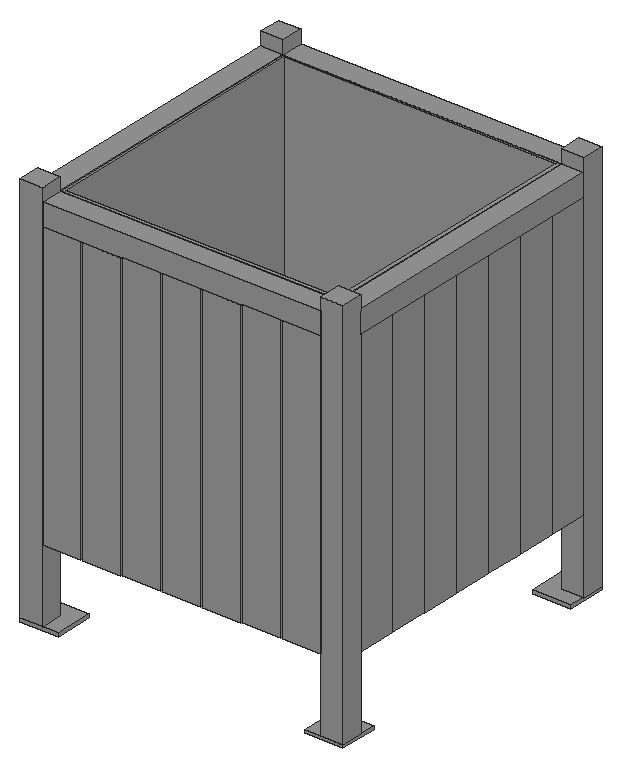
Revit family "6758 Цветочница парковая «Классик» 505x505x620 мм Хоббика", category Антураж, Revit 2018
Family settings
  На основе рабочей плоскости = Нет
  Всегда вертикально = Да
  При загрузке вырезать с полостями = Нет
  Источник визуального образа = Геометрия семейства
  Общий = Нет
  Точка расчета площади = Нет
Parameters (values of type "Цветочница парковая «Классик» 505x505x620 мм")
  Ширина = 505 mm  # constant formula
  Цвет отделки = Дерево
  Цвет каркаса = Сталь
  Описание = "Цветочница парковая «Классик» 505x505x620 мм"  # constant formula
  Материал изделия = "Сталь, дерево, съемная оцинкованная вставка"  # constant formula
  Изображение типоразмера = Цветочница парковая «Классик» 505x505x620 мм Арт 6758.jpg
  Изготовитель = "ООО «Хоббика»"  # constant formula
  Длина = 505 mm  # constant formula
  Группа модели = "Цветочницы и уличные вазоны для цветов"  # constant formula
  Высота = 620 mm  # constant formula
  Артикул товара = "Арт. 6758"  # constant formula
  URL = "https://hobbyka.ru/product/cvetochnica_parkovaia_klassik"
Reference planes
  plane 1 "По центру (Вперед/Назад)": y = 0
  plane 2: z = 0
  plane 3 "По центру (Влево/Вправо)": x = 0
  plane 4: y = 505
  plane 5: x = 505
  plane 6: z = 620
Forms (mm)
  Extrusion 1, solid, material "Сталь" <- "Цвет каркаса"
    sketch origin (0, 0, 0) x (1, 0, 0) y (0, 1, 0)
      loop
        line (0, 505) -> (0, 470) -> (35, 470) -> (35, 505) -> (0, 505)
      loop
        line (470, 505) -> (470, 470) -> (505, 470) -> (505, 505) -> (470, 505)
      loop
        line (0, 35) -> (0, 0) -> (35, 0) -> (35, 35) -> (0, 35)
      loop
        line (470, 35) -> (470, 0) -> (505, 0) -> (505, 35) -> (470, 35)
    from 5 to 620
  Extrusion 2, solid, material "Сталь" <- "Цвет каркаса"
    sketch origin (0, 0, 0) x (1, 0, 0) y (0, 1, 0)
      loop
        line (35, 505) -> (35, 470) -> (470, 470) -> (470, 505) -> (35, 505)
      loop
        line (35, 35) -> (35, 0) -> (470, 0) -> (470, 35) -> (35, 35)
    from 565 to 600
  Extrusion 3, solid, material "Сталь" <- "Цвет каркаса"
    sketch origin (0, 505, 0) x (0, -1, 0) y (1, 0, 0)
      loop
        line (35, 505) -> (35, 470) -> (470, 470) -> (470, 505) -> (35, 505)
      loop
        line (35, 35) -> (35, 0) -> (470, 0) -> (470, 35) -> (35, 35)
    from 565 to 600
  Extrusion 4, solid, material "Дерево" <- "Цвет отделки"
    sketch origin (0, 0, 0) x (1, 0, 0) y (0, 1, 0)
      loop
        line (35, 505) -> (35, 470) -> (95, 470) -> (95, 505) -> (35, 505)
      loop
        line (35, 35) -> (35, 0) -> (95, 0) -> (95, 35) -> (35, 35)
    from 120 to 565
  Extrusion 5, solid, material "Дерево" <- "Цвет отделки"
    sketch origin (375, 0, 0) x (1, 0, 0) y (0, 1, 0)
      loop
        line (35, 505) -> (35, 470) -> (95, 470) -> (95, 505) -> (35, 505)
      loop
        line (35, 35) -> (35, 0) -> (95, 0) -> (95, 35) -> (35, 35)
    from 120 to 565
  Extrusion 6, solid, material "Дерево" <- "Цвет отделки"
    sketch origin (62.5, 0, 0) x (1, 0, 0) y (0, 1, 0)
      loop
        line (35, 505) -> (35, 470) -> (95, 470) -> (95, 505) -> (35, 505)
      loop
        line (35, 35) -> (35, 0) -> (95, 0) -> (95, 35) -> (35, 35)
    from 120 to 565
  Extrusion 7, solid, material "Дерево" <- "Цвет отделки"
    sketch origin (125, 0, 0) x (1, 0, 0) y (0, 1, 0)
      loop
        line (35, 505) -> (35, 470) -> (95, 470) -> (95, 505) -> (35, 505)
      loop
        line (35, 35) -> (35, 0) -> (95, 0) -> (95, 35) -> (35, 35)
    from 120 to 565
  Extrusion 8, solid, material "Дерево" <- "Цвет отделки"
    sketch origin (187.5, 0, 0) x (1, 0, 0) y (0, 1, 0)
      loop
        line (35, 505) -> (35, 470) -> (95, 470) -> (95, 505) -> (35, 505)
      loop
        line (35, 35) -> (35, 0) -> (95, 0) -> (95, 35) -> (35, 35)
    from 120 to 565
  Extrusion 9, solid, material "Дерево" <- "Цвет отделки"
    sketch origin (250, 0, 0) x (1, 0, 0) y (0, 1, 0)
      loop
        line (35, 505) -> (35, 470) -> (95, 470) -> (95, 505) -> (35, 505)
      loop
        line (35, 35) -> (35, 0) -> (95, 0) -> (95, 35) -> (35, 35)
    from 120 to 565
  Extrusion 10, solid, material "Дерево" <- "Цвет отделки"
    sketch origin (312.5, 0, 0) x (1, 0, 0) y (0, 1, 0)
      loop
        line (35, 505) -> (35, 470) -> (95, 470) -> (95, 505) -> (35, 505)
      loop
        line (35, 35) -> (35, 0) -> (95, 0) -> (95, 35) -> (35, 35)
    from 120 to 565
  Extrusion 11, solid, material "Дерево" <- "Цвет отделки"
    sketch origin (0, 0, 0) x (1, 0, 0) y (0, 1, 0)
      loop
        line (0, 470) -> (0, 410) -> (35, 410) -> (35, 470) -> (0, 470)
      loop
        line (470, 470) -> (470, 410) -> (505, 410) -> (505, 470) -> (470, 470)
    from 120 to 565
  Extrusion 12, solid, material "Дерево" <- "Цвет отделки"
    sketch origin (0, -375, 0) x (1, 0, 0) y (0, 1, 0)
      loop
        line (0, 470) -> (0, 410) -> (35, 410) -> (35, 470) -> (0, 470)
      loop
        line (470, 470) -> (470, 410) -> (505, 410) -> (505, 470) -> (470, 470)
    from 120 to 565
  Extrusion 13, solid, material "Дерево" <- "Цвет отделки"
    sketch origin (0, -62.5, 0) x (1, 0, 0) y (0, 1, 0)
      loop
        line (0, 470) -> (0, 410) -> (35, 410) -> (35, 470) -> (0, 470)
      loop
        line (470, 470) -> (470, 410) -> (505, 410) -> (505, 470) -> (470, 470)
    from 120 to 565
  Extrusion 14, solid, material "Дерево" <- "Цвет отделки"
    sketch origin (0, -125, 0) x (1, 0, 0) y (0, 1, 0)
      loop
        line (0, 470) -> (0, 410) -> (35, 410) -> (35, 470) -> (0, 470)
      loop
        line (470, 470) -> (470, 410) -> (505, 410) -> (505, 470) -> (470, 470)
    from 120 to 565
  Extrusion 15, solid, material "Дерево" <- "Цвет отделки"
    sketch origin (0, -187.5, 0) x (1, 0, 0) y (0, 1, 0)
      loop
        line (0, 470) -> (0, 410) -> (35, 410) -> (35, 470) -> (0, 470)
      loop
        line (470, 470) -> (470, 410) -> (505, 410) -> (505, 470) -> (470, 470)
    from 120 to 565
  Extrusion 16, solid, material "Дерево" <- "Цвет отделки"
    sketch origin (0, -250, 0) x (1, 0, 0) y (0, 1, 0)
      loop
        line (0, 470) -> (0, 410) -> (35, 410) -> (35, 470) -> (0, 470)
      loop
        line (470, 470) -> (470, 410) -> (505, 410) -> (505, 470) -> (470, 470)
    from 120 to 565
  Extrusion 17, solid, material "Дерево" <- "Цвет отделки"
    sketch origin (0, -312.5, 0) x (1, 0, 0) y (0, 1, 0)
      loop
        line (0, 470) -> (0, 410) -> (35, 410) -> (35, 470) -> (0, 470)
      loop
        line (470, 470) -> (470, 410) -> (505, 410) -> (505, 470) -> (470, 470)
    from 120 to 565
  Extrusion 18, solid, material "Сталь"
    sketch origin (0, 0, 0) x (1, 0, 0) y (0, 1, 0)
      loop
        line (35, 470) -> (35, 35) -> (470, 35) -> (470, 470) -> (35, 470)
    from 120 to 600
  Extrusion 19, void
    sketch origin (0, 0, 0) x (1, 0, 0) y (0, 1, 0)
      loop
        line (40, 465) -> (40, 40) -> (465, 40) -> (465, 465) -> (40, 465)
    from 125 to 600
  Extrusion 20, solid, material "Сталь" <- "Цвет каркаса"
    sketch origin (0, 0, 0) x (1, 0, 0) y (0, 1, 0)
      loop
        line (0, 505) -> (0, 445) -> (60, 445) -> (60, 505) -> (0, 505)
      loop
        line (445, 505) -> (445, 445) -> (505, 445) -> (505, 505) -> (445, 505)
      loop
        line (0, 60) -> (0, 0) -> (60, 0) -> (60, 60) -> (0, 60)
      loop
        line (445, 60) -> (445, 0) -> (505, 0) -> (505, 60) -> (445, 60)
    from 0 to 5
Cuts and joins
  Extrusion 19 cuts Extrusion 18
Dimensions and locks
  "Ширина": plane 4 to plane 1 "По центру (Вперед/Назад)"
  "Длина": plane 5 to plane 3 "По центру (Влево/Вправо)"
  "Высота": plane 6 to plane 2
  Extrusion 3 to Extrusion 3 = 435 mm
  equal spacing: group 1, group 3, group 4, group 5, group 6, group 7, group 2  (x3)
  equal spacing: group 8, group 10, group 11, group 12, group 13, group 14, group 9  (x2)
  equal spacing: group 9, group 14, group 13, group 12, group 11, group 10, group 8
  aligned and locked: level to plane 2
Automatic sketch dimensions
  Extrusion 1 sketch curve to plane 3 "По центру (Влево/Вправо)" = 0 mm  (x2)
  plane 1 "По центру (Вперед/Назад)" to Extrusion 1 sketch curve = 0 mm  (x2)
  Extrusion 1 sketch curve to plane 4 = 0 mm  (x2)
  Extrusion 1 sketch curve to plane 5 = 0 mm  (x2)
  plane 3 "По центру (Влево/Вправо)" to Extrusion 1 sketch curve = 35 mm  (x2)
  Extrusion 1 sketch curve to plane 5 = 35 mm  (x2)
  Extrusion 1 sketch curve to Extrusion 1 sketch curve = 35 mm  (x3)
  Extrusion 1 sketch curve to plane 4 = 35 mm
  Extrusion 2 sketch curve to plane 4 = 0 mm
  plane 1 "По центру (Вперед/Назад)" to Extrusion 2 sketch curve = 0 mm
  plane 3 "По центру (Влево/Вправо)" to Extrusion 2 sketch curve = 35 mm  (x2)
  Extrusion 2 sketch curve to plane 5 = 35 mm  (x2)
  Extrusion 2 sketch curve to Extrusion 2 sketch curve = 35 mm
  Extrusion 2 sketch curve to plane 4 = 35 mm
  Extrusion 3 sketch curve to plane 5 = 0 mm
  Extrusion 3 sketch curve to plane 3 "По центру (Влево/Вправо)" = 0 mm
  Extrusion 3 sketch curve to plane 4 = 35 mm  (x2)
  Extrusion 3 sketch curve to plane 1 "По центру (Вперед/Назад)" = 35 mm  (x2)
  plane 3 "По центру (Влево/Вправо)" to Extrusion 3 sketch curve = 35 mm
  Extrusion 3 sketch curve to Extrusion 3 sketch curve = 35 mm
  Extrusion 4 sketch curve to Extrusion 4 sketch curve = 60 mm  (x2)
  Extrusion 4 sketch curve to Extrusion 4 sketch curve = 0 mm
  Extrusion 4 sketch curve to Extrusion 4 sketch curve = 35 mm  (x2)
  Extrusion 4 sketch curve to Extrusion 4 sketch curve = 435 mm
  Extrusion 5 sketch curve to Extrusion 5 sketch curve = 60 mm  (x2)
  Extrusion 5 sketch curve to Extrusion 5 sketch curve = 0 mm
  Extrusion 5 sketch curve to Extrusion 5 sketch curve = 35 mm  (x2)
  Extrusion 5 sketch curve to Extrusion 5 sketch curve = 435 mm
  Extrusion 6 sketch curve to Extrusion 6 sketch curve = 60 mm  (x2)
  Extrusion 6 sketch curve to Extrusion 6 sketch curve = 0 mm
  Extrusion 6 sketch curve to Extrusion 6 sketch curve = 35 mm  (x2)
  Extrusion 6 sketch curve to Extrusion 6 sketch curve = 435 mm
  Extrusion 7 sketch curve to Extrusion 7 sketch curve = 60 mm  (x2)
  Extrusion 7 sketch curve to Extrusion 7 sketch curve = 0 mm
  Extrusion 7 sketch curve to Extrusion 7 sketch curve = 35 mm  (x2)
  Extrusion 7 sketch curve to Extrusion 7 sketch curve = 435 mm
  Extrusion 8 sketch curve to Extrusion 8 sketch curve = 60 mm  (x2)
  Extrusion 8 sketch curve to Extrusion 8 sketch curve = 0 mm
  Extrusion 8 sketch curve to Extrusion 8 sketch curve = 35 mm  (x2)
  Extrusion 8 sketch curve to Extrusion 8 sketch curve = 435 mm
  Extrusion 9 sketch curve to Extrusion 9 sketch curve = 60 mm  (x2)
  Extrusion 9 sketch curve to Extrusion 9 sketch curve = 0 mm
  Extrusion 9 sketch curve to Extrusion 9 sketch curve = 35 mm  (x2)
  Extrusion 9 sketch curve to Extrusion 9 sketch curve = 435 mm
  Extrusion 10 sketch curve to Extrusion 10 sketch curve = 60 mm  (x2)
  Extrusion 10 sketch curve to Extrusion 10 sketch curve = 0 mm
  Extrusion 10 sketch curve to Extrusion 10 sketch curve = 35 mm  (x2)
  Extrusion 10 sketch curve to Extrusion 10 sketch curve = 435 mm
  Extrusion 11 sketch curve to Extrusion 11 sketch curve = 35 mm  (x2)
  Extrusion 11 sketch curve to Extrusion 11 sketch curve = 435 mm
  Extrusion 11 sketch curve to Extrusion 11 sketch curve = 0 mm
  Extrusion 11 sketch curve to Extrusion 11 sketch curve = 60 mm  (x2)
  Extrusion 12 sketch curve to Extrusion 12 sketch curve = 35 mm  (x2)
  Extrusion 12 sketch curve to Extrusion 12 sketch curve = 435 mm
  Extrusion 12 sketch curve to Extrusion 12 sketch curve = 0 mm
  Extrusion 12 sketch curve to Extrusion 12 sketch curve = 60 mm  (x2)
  Extrusion 13 sketch curve to Extrusion 13 sketch curve = 35 mm  (x2)
  Extrusion 13 sketch curve to Extrusion 13 sketch curve = 435 mm
  Extrusion 13 sketch curve to Extrusion 13 sketch curve = 0 mm
  Extrusion 13 sketch curve to Extrusion 13 sketch curve = 60 mm  (x2)
  Extrusion 14 sketch curve to Extrusion 14 sketch curve = 35 mm  (x2)
  Extrusion 14 sketch curve to Extrusion 14 sketch curve = 435 mm
  Extrusion 14 sketch curve to Extrusion 14 sketch curve = 0 mm
  Extrusion 14 sketch curve to Extrusion 14 sketch curve = 60 mm  (x2)
  Extrusion 15 sketch curve to Extrusion 15 sketch curve = 35 mm  (x2)
  Extrusion 15 sketch curve to Extrusion 15 sketch curve = 435 mm
  Extrusion 15 sketch curve to Extrusion 15 sketch curve = 0 mm
  Extrusion 15 sketch curve to Extrusion 15 sketch curve = 60 mm  (x2)
  Extrusion 16 sketch curve to Extrusion 16 sketch curve = 35 mm  (x2)
  Extrusion 16 sketch curve to Extrusion 16 sketch curve = 435 mm
  Extrusion 16 sketch curve to Extrusion 16 sketch curve = 0 mm
  Extrusion 16 sketch curve to Extrusion 16 sketch curve = 60 mm  (x2)
  Extrusion 17 sketch curve to Extrusion 17 sketch curve = 35 mm  (x2)
  Extrusion 17 sketch curve to Extrusion 17 sketch curve = 435 mm
  Extrusion 17 sketch curve to Extrusion 17 sketch curve = 0 mm
  Extrusion 17 sketch curve to Extrusion 17 sketch curve = 60 mm  (x2)
  plane 3 "По центру (Влево/Вправо)" to Extrusion 18 sketch curve = 35 mm
  Extrusion 18 sketch curve to plane 5 = 35 mm
  Extrusion 18 sketch curve to plane 1 "По центру (Вперед/Назад)" = 35 mm
  Extrusion 18 sketch curve to plane 4 = 35 mm
  plane 3 "По центру (Влево/Вправо)" to Extrusion 19 sketch curve = 40 mm
  Extrusion 19 sketch curve to plane 5 = 40 mm
  Extrusion 19 sketch curve to plane 1 "По центру (Вперед/Назад)" = 40 mm
  Extrusion 19 sketch curve to plane 4 = 40 mm
  Extrusion 20 sketch curve to plane 3 "По центру (Влево/Вправо)" = 0 mm  (x2)
  plane 1 "По центру (Вперед/Назад)" to Extrusion 20 sketch curve = 0 mm  (x2)
  Extrusion 20 sketch curve to plane 4 = 0 mm  (x2)
  Extrusion 20 sketch curve to plane 5 = 0 mm  (x2)
  plane 3 "По центру (Влево/Вправо)" to Extrusion 20 sketch curve = 60 mm  (x2)
  Extrusion 20 sketch curve to Extrusion 20 sketch curve = 60 mm  (x4)
  Extrusion 20 sketch curve to plane 1 "По центру (Вперед/Назад)" = 60 mm
  Extrusion 20 sketch curve to plane 4 = 60 mm
